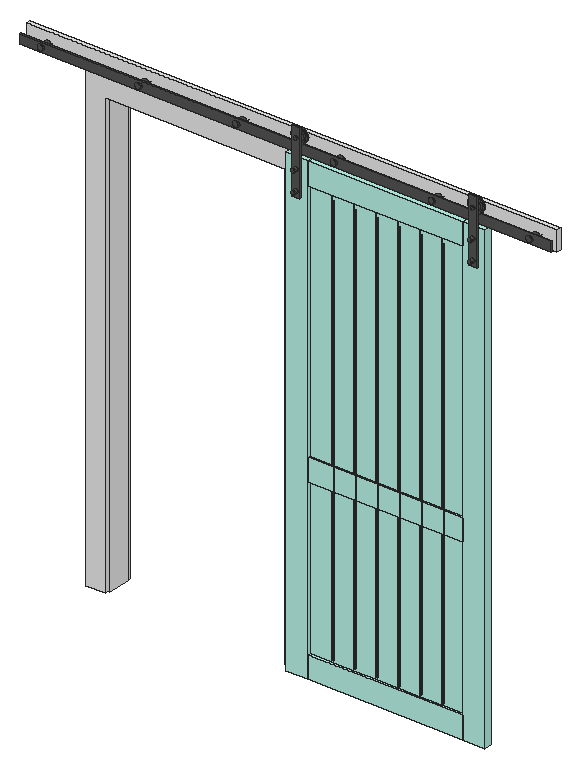
Revit family "Door_Barn_Maisy", category Doors, host Wall, Revit 2026
Family settings
  Host = Wall
  Classification Number = 23.30.10.17.11
  Always vertical = Yes
  Cut with Voids When Loaded = No
  Shared = No
  Room Calculation Point = No
Parameters (values of type "Sherwin Williams Cumulos Cotton 2063-70")
  panelmovement [instance] = if(Percent Open = 0, 0' 0", 3' 0" / ((100 / Percent Open)))  # 3' - 0"
  longtrackmounts = yes
  Width of Blocking Mounting Board [instance] = 0' - 3 1/2"
  Type Comments = "Confirm Opening Size Requirements"
  Track Width = 8' - 0"
  Strap Design [instance] = BarnDoorStraps : Straight Strap
  Standards Conformance = ""
  Sound Transmission Class (STC) = 0
  Show Generic Cased Opening [instance] = yes
  RO Offset [instance] = 0' - 0 3/4"
  Percent Open [instance] = 100
  Panel Width = 3' - 0"
  Panel Thickness = 0' - 1 3/8"
  Panel Stile Width [instance] = 0' - 4"
  Panel Rail Width_Top [instance] = 0' - 4"
  Panel Rail Width_Bottom [instance] = 0' - 4"
  Panel Intermediate Rail Widths [instance] = 0' - 3"
  Panel Height = 7' - 0"
  Panel Center Rail Width [instance] = 0' - 3"
  Minimum Width = 0' - 0"
  Maximum Width = 0' - 0"
  Locate Center of Track [instance] = 0' - 1 1/2"
  Include Blocking Mounting Board [instance] = yes
  Height to Bottom of Blocking Mounting Board [instance] = 7' - 0 1/16"
  Generic Casing Finish [instance] = Wood - Renin - Painted White
  Function = Interior
  Frame Finish [instance] = Metal - Renin - Matte Black Steel
  Door Finish [instance] = Wood - Painted - Sherwin Williams Cumulos Cotton 2063-70
  Door Design = Door_Barn-Panel_Renin_Maisy : Grooved Wood Panel
  Clear Opening Width [instance] = 2' - 8"
  Clear Opening Height [instance] = 6' - 8"
  Warranty Duration (Years) = 0
  URL = "https://www.renin.com/"
  Thickness = 0' - 0"  # constant formula
  Test Data = ""
  Specification = ""
  SpecWizard = ""
  Send Message = ""
  Sales Information = "https://www.renin.com/contact-us/"
  Rough Width [instance] = (Clear Opening Width + (RO Offset * 2))  # 2' - 9 1/2"
  Rough Height [instance] = (Clear Opening Height + (RO Offset))  # 6' - 8 3/4"
  Product Properties = ""
  Product Data = "http://www.arcat.com/arcatcos/cos49/arc49687.html"
  Manufacturer Website = "https://www.renin.com/"
  Manufacturer Phone - Toll Free = ""
  Manufacturer Fax = "905-791-3813"
  Manufacturer Address = "110 Walker Dr.   Brampton, ON, Canada    L6T 4H6"
  Maintenance Schedule (Months) = 0
  Installation-Fabrication = ""
  Installation Phase = ""
  Green Building-LEED = ""
  Model = "Maisy - Sherwin Williams Cumulos Cotton 2063-70"
  Manufacturer = "Renin Corp"
  Keynote = "08 00 00"
  Height [instance] = 0' - 0"  # constant formula
  Wall Closure = By host
  Width [instance] = 0' - 0"  # constant formula
  Fire Rating = "As Specified"
  Expected Lifespan (Years) = 0
  Drawn By = "Sumex Design, Inc. / Robert S. Weygant, CSI, CDT, SCIP"  # constant formula
  Description = "Renin Barn Door and Track - Stone Easy Slide Soft Close as Specified"
  Copyright = "©Arcat Inc. R1_2017-03"  # constant formula
  Construction Details = ""
  Door CL Projection from Wall [instance] = 0' - 2 1/8"
  Center Panel Material = Wood - Painted - Sherwin Williams Cumulos Cotton 2063-70
  Building Codes = ""
  Available Options = ""
  Assembly Code = "C1020100"
  Analytic Construction = "<None>"
  Air Space Beneath Door = 0' - 0 7/16"
Reference planes (in)
  plane 1 "Center (Front/Back)": y = -33.96225
  plane 2 "Center (Left/Right)": x = 34.28704
  plane 3: z = 0
  plane 4 "Right": x = 50.28704
  plane 5 "Left": x = 18.28704
  plane 6: z = 0
  plane 7 "Top of Frame": z = 80
  plane 8 "RO Top": z = 80.75
  plane 9 "RO Right": x = 51.03704
  plane 10 "RO Left": x = 17.53704
  plane 11 "EXT WALL FACE": y = -31.96225
  plane 12 "INT WALL FACE": y = -35.96225
  plane 13: x = 51.78704
  plane 14: x = 3.78704
  plane 15: x = 99.78704
  plane 16: y = -38.08725
  plane 17: z = 84.4375
  plane 18: z = 0.4375
  plane 19: z = 85.5625
  plane 20: y = -37.39975
  plane 21: y = -38.77475
  plane 22: x = 52.28704
  plane 23: x = 88.28704
  plane 24: x = 70.28704
Forms (in)
  Sweep 1, solid, material "Wood - Renin - Painted White" <- "Generic Casing Finish", visible <- "Show Generic Cased Opening"
    path origin (0, -35.96225, 0) x (-1, 0, 0) y (0, 0, 1)
      loop
        line (-18.28704, 0) -> (-18.28704, 80) -> (-50.28704, 80) -> (-50.28704, 0)
    profile origin (18.28704, -35.96225, 40) x (1, 0, 0) y (0, 1, 0)
      loop
        line (0, 0) -> (0, 4) -> (-0.75, 4) -> (-0.75, 0) -> (0, 0)
  Sweep 2, solid, material "Wood - Renin - Painted White" <- "Generic Casing Finish", visible <- "Show Generic Cased Opening"
    path origin (0, -35.96225, 0) x (-1, 0, 0) y (0, 0, 1)
      loop
        line (-18.28704, 0) -> (-18.28704, 80) -> (-50.28704, 80) -> (-50.28704, 0)
    profile origin (18.28704, -35.96225, 40) x (1, 0, 0) y (0, 1, 0)
      loop
        line (-0.25, 4) -> (-0.25, 4.75) -> (-3.75, 4.75) -> (-3.75, 4) -> (-0.25, 4)
      loop
        line (-0.25, 0) -> (-3.75, 0) -> (-3.75, -0.75) -> (-0.25, -0.75) -> (-0.25, 0)
  Extrusion 3, solid, material "Metal - Renin - Matte Black Steel" <- "Frame Finish"
    sketch origin (10.10712, -38.08725, 48) x (-1, 0, 0) y (0, 0, 1)
      loop
        line (-89.67991, 38.4375) -> (-89.67991, 36.6875) -> (6.32009, 36.6875) -> (6.32009, 38.4375) -> (-89.67991, 38.4375)
    from 0.125 to -0.125
  Extrusion 4, solid, material "Wood - Renin - Painted White" <- "Generic Casing Finish", visible <- "Include Blocking Mounting Board"
    sketch origin (0, -35.96225, 0) x (-1, 0, 0) y (0, 0, 1)
      loop
        line (-3.78704, 87.5625) -> (-99.78704, 87.5625) -> (-99.78704, 84.0625) -> (-3.78704, 84.0625) -> (-3.78704, 87.5625)
    from 0 to -0.75
  Extrusion 5, solid, material "Metal - Renin - Matte Black Steel" <- "Frame Finish", visible <- "longtrackmounts"
    sketch origin (10.10712, -38.08725, 48) x (-1, 0, 0) y (0, 0, 1)
      loop
        circle (-50.52366, 37.5625) r 0.5
      loop
        circle (-68.21116, 37.5625) r 0.5
      loop
        circle (-85.89866, 37.5625) r 0.5
      loop
        circle (-32.83616, 37.5625) r 0.5
      loop
        circle (-15.14866, 37.5625) r 0.5
      loop
        circle (2.53884, 37.5625) r 0.5
    from -0.31146 to 2.125
Lines and regions (in)
  Opening 1
    outline origin (-109.33485, -35.96225, 0) x (1, 0, 0) y (0, 0, 1)
      loop
        line (126.87189, 0) -> (160.37189, 0) -> (160.37189, 80.75) -> (126.87189, 80.75) -> (126.87189, 0)
Text (in)
  text "Exterior" at (-73.77742, -16.66641, 0), in view "Plan"
  text "Interior" at (-73.77742, -50.14366, 0), in view "Plan"
  text "Exterior" at (0, -17.98638, 123.01588), in view "Right"
  text "Interior" at (0, -64.39139, 123.01588), in view "Right"
  text "Interior" at (0, -52.09468, 121.14095), in view "Left"
  text "Exterior" at (0, 26.35325, 123.00693), in view "Left"
Dimensions and locks (in)
  equal spacing: plane 4 "Right", plane 2 "Center (Left/Right)", plane 5 "Left"
  "Clear Opening Width": plane 5 "Left" to plane 4 "Right"
  "Clear Opening Height": level to plane 7 "Top of Frame"
  "RO Offset": plane 5 "Left" to plane 10 "RO Left"
  "RO Offset": plane 9 "RO Right" to plane 4 "Right"
  "RO Offset": plane 7 "Top of Frame" to plane 8 "RO Top"
  Sweep 2 sketch curve to plane 11 "EXT WALL FACE" to Sweep 2 sketch curve = 0' - 0 3/4" locked, 0' - 0" locked
  plane 12 "INT WALL FACE" to Sweep 2 sketch curve to Sweep 2 sketch curve = 0' - 0" locked, 0' - 0 3/4" locked
  Sweep 2 sketch curve to plane 10 "RO Left" to Sweep 2 sketch curve = 0' - 3" locked, 0' - 0 1/2" locked  (x2)
  "Locate Center of Track": plane 4 "Right" to plane 13
  equal spacing: plane 15, plane 13, plane 14
  "Track Width": plane 15 to plane 14
  "Door CL Projection from Wall": plane 12 "INT WALL FACE" to plane 16
  "Air Space Beneath Door": plane 18 to level
  "Panel Height": plane 17 to plane 18
  locked: plane 19 to plane 17 at 1.125
  Extrusion 3 sketch curve to plane 19 to Extrusion 3 sketch curve = 0' - 0 7/8" locked, 0' - 0 7/8" locked
  equal spacing: plane 20, plane 16, plane 21
  "Panel Thickness": plane 20 to plane 21
  locked: plane 23 to plane 22 at 36
  equal spacing: plane 23, plane 24, plane 22
  "panelmovement": plane 24 to plane 2 "Center (Left/Right)"
  "Height to Bottom of Blocking Mounting Board": Extrusion 4 sketch curve to level
  "Width of Blocking Mounting Board": Extrusion 4 sketch curve to Extrusion 4 sketch curve
  Extrusion 5 sketch curve to Extrusion 5 sketch curve to Extrusion 5 sketch curve to plane 13 = 1' - 5 11/16" locked, 1' - 5 11/16" locked, 0' - 8 27/32" locked
  Extrusion 5 sketch curve to Extrusion 5 sketch curve to Extrusion 5 sketch curve = 1' - 5 11/16" locked, 1' - 5 11/16" locked
  locked: plane 13 to Extrusion 5 sketch curve at 8.84375
  aligned and locked: host wall to plane 1 "Center (Front/Back)"
  aligned and locked: Opening 1 sketch curve to level
  aligned and locked: plane 9 "RO Right" to Opening 1 sketch curve
  aligned and locked: Opening 1 sketch curve to plane 8 "RO Top"
  aligned and locked: plane 10 "RO Left" to Opening 1 sketch curve
  aligned and locked: plane 12 "INT WALL FACE" to host wall
  aligned and locked: host wall to plane 11 "EXT WALL FACE"
  aligned and locked: plane 4 "Right" to Sweep 1 sketch curve
  aligned and locked: Sweep 1 sketch curve to plane 5 "Left"
  aligned and locked: Sweep 1 sketch curve to plane 7 "Top of Frame"
  aligned and locked: Sweep 1 sketch curve to plane 11 "EXT WALL FACE"
  aligned and locked: plane 12 "INT WALL FACE" to Sweep 1 sketch curve
  aligned and locked: plane 10 "RO Left" to Sweep 1 sketch curve
  aligned and locked: plane 5 "Left" to Sweep 1 sketch curve
  aligned and locked: plane 5 "Left" to Sweep 2 sketch curve
  aligned and locked: plane 7 "Top of Frame" to Sweep 2 sketch curve
  aligned and locked: Sweep 2 sketch curve to plane 4 "Right"
  aligned and locked: Extrusion 3 sketch curve to plane 15
  aligned and locked: Extrusion 3 sketch curve to plane 14
  aligned and locked: nested 1 to plane 20
  aligned and locked: nested 1 to plane 24
  aligned and locked: plane 24 to nested 2
  aligned and locked: nested 2 to plane 21
  aligned and locked: plane 14 to Extrusion 4 sketch curve
  aligned and locked: plane 15 to Extrusion 4 sketch curve
  aligned and locked: plane 12 "INT WALL FACE" to Extrusion 5
Automatic sketch dimensions
  Sweep 1 sketch curve to level = 0' - 0"  (x2)
  Sweep 2 sketch curve to level = 0' - 0"  (x2)
  Extrusion 5 sketch curve to plane 19 = 0' - 0"  (x6)
  radius of Extrusion 5 sketch curve = 0' - 0 1/2"  (x6)
Nested families (in)
  nested 1: "Door_Barn-Panel_Renin_Maisy" at (70.28704, -37.39975, 0), type <- "Door Design", Stile Width <- "Panel Stile Width", Rail Width_Top <- "Panel Rail Width_Top", Rail Width_Bottom <- "Panel Rail Width_Bottom", Intermediate Rail Width <- "Panel Intermediate Rail Widths", Door Finish <- "Door Finish", Center Rail Width <- "Panel Center Rail Width", Center Panel Material <- "Center Panel Material", type "Grooved Wood Panel"
    with groovelineextension 6' - 4", Stile Width 0' - 4", Rail Width_Top 0' - 4", Rail Width_Bottom 0' - 4", Panel Width 3' - 0", Panel Thickness 0' - 1 3/8", Panel Height 7' - 0", Intermediate Rail Width 0' - 3", Door Finish Wood - Painted - Sherwin Williams Cumulos Cotton 2063-70, Center Rail Width 0' - 3", Center Panel Thickness 0' - 0 1/2", Center Panel Material Wood - Painted - Sherwin Williams Cumulos Cotton 2063-70
  nested 2: "BarnDoorStraps" at (70.28704, -38.77475, 84.4375), type <- "Strap Design", Stile Width <- "Panel Stile Width", finish <- "Frame Finish", type "Straight Strap"
    with finish Metal - Renin - Matte Black Steel, Stile Width 0' - 4", Top Mount no, Strap Mountings yes, Straight Strap yes
Definition of nested family "Door_Barn-Panel_Renin_Maisy"
  Parameters (values of type "Grooved Wood Panel")
    groovelineextension [instance] = if(Grooved Wood Panel, Panel Height - Rail Width_Top - Rail Width_Bottom, 0' 0")  # 6' - 4"
    Stile Width [instance] = 0' - 4.0428"
    Rail Width_Top [instance] = 0' - 4"
    Rail Width_Bottom [instance] = 0' - 4"
    Panel Width [instance] = 3' - 0"
    Panel Thickness [instance] = 0' - 1 3/8"
    Panel Height [instance] = 7' - 0"
    Intermediate Rail Width [instance] = 0' - 3"
    Grooved Wood Panel = yes
    Glazing Panel = no
    Door Finish [instance] = none
    Default Elevation = 0' - 0"  # constant formula
    Center Rail Width [instance] = 0' - 3"
    Center Panel Thickness [instance] = 0' - 0 1/2"
    Center Panel Material [instance] = none
    Analytic Construction = "<None>"
  Types (2): name | groovelineextension | Grooved Wood Panel | Glazing Panel
    Glazed Panel | 0' - 0" | no | yes
    Grooved Wood Panel | 6' - 4" | yes | no
  Reference planes (in)
    plane 1 "Center (Front/Back)": y = 0
    plane 2: z = 0
    plane 3 "Center (Left/Right)": x = 0
    plane 4: x = -18
    plane 5: x = 18
    plane 6: z = 0.4375
    plane 7: z = 84.4375
    plane 8: y = -1.375
    plane 9: z = 80.4375
    plane 10: z = 4.4375
    plane 11: x = -13.9572
    plane 12: x = 13.9572
    plane 13: y = -0.6875
    plane 14: y = -0.4375
    plane 15: y = -0.9375
    plane 16: z = 42.4375
    plane 17: z = 32.4375
    plane 18: z = 36.4375
    plane 19: x = -9.96943
    plane 20: x = -5.98166
    plane 21: x = -1.99389
    plane 22: x = 1.99389
    plane 23: x = 5.98166
    plane 24: x = 9.96943
    plane 25: x = -10.03193
    plane 26: x = -9.90693
    plane 27: x = -6.04416
    plane 28: x = -5.91916
    plane 29: x = -2.05639
    plane 30: x = -1.93139
    plane 31: x = 1.93139
    plane 32: x = 2.05639
    plane 33: x = 5.91916
    plane 34: x = 6.04416
    plane 35: x = 9.90693
    plane 36: x = 10.03193
  Forms (in)
    Extrusion 1, solid, material <- "Door Finish"
      sketch origin (0, 0, 0) x (1, 0, 0) y (0, 0, 1)
        loop
          line (-13.9572, 4.4375) -> (-13.9572, 0.4375) -> (13.9572, 0.4375) -> (13.9572, 4.4375) -> (-13.9572, 4.4375)
      from 0 to 1.375 <- "Panel Thickness"
    Extrusion 2, solid, material <- "Door Finish"
      sketch origin (0, 0, 0) x (1, 0, 0) y (0, 0, 1)
        loop
          line (-18, 84.4375) -> (-18, 0.4375) -> (-13.9572, 0.4375) -> (-13.9572, 84.4375) -> (-18, 84.4375)
        loop
          line (13.9572, 84.4375) -> (13.9572, 0.4375) -> (18, 0.4375) -> (18, 84.4375) -> (13.9572, 84.4375)
      from 0 to 1.375 <- "Panel Thickness"
    Extrusion 3, solid, material <- "Door Finish"
      sketch origin (0, 0, 0) x (1, 0, 0) y (0, 0, 1)
        loop
          line (-13.9572, 84.4375) -> (-13.9572, 80.4375) -> (13.9572, 80.4375) -> (13.9572, 84.4375) -> (-13.9572, 84.4375)
      from 0 to 1.375 <- "Panel Thickness"
    Extrusion 4, solid, material <- "Door Finish"
      sketch origin (0, 0, 0) x (1, 0, 0) y (0, 0, 1)
        loop
          line (-13.9572, 36.4375) -> (-13.9572, 32.4375) -> (13.9572, 32.4375) -> (13.9572, 36.4375) -> (-13.9572, 36.4375)
      from 0 to 1.375
    Extrusion 5, solid, material <- "Center Panel Material"
      sketch origin (0, 0, 0) x (1, 0, 0) y (0, 1, 0)
        loop
          line (-13.9572, -0.4375) -> (-13.9572, -0.9375) -> (-10.03193, -0.9375)
          arc (-10.03193, -0.9375) -> (-9.96943, -0.90322) -> (-9.90693, -0.9375) r 0.07411
          line (-9.90693, -0.9375) -> (-6.04416, -0.9375)
          arc (-6.04416, -0.9375) -> (-5.98166, -0.90322) -> (-5.91916, -0.9375) r 0.07411
          line (-5.91916, -0.9375) -> (-2.05639, -0.9375)
          arc (-2.05639, -0.9375) -> (-1.99389, -0.90322) -> (-1.93139, -0.9375) r 0.07411
          line (-1.93139, -0.9375) -> (1.93139, -0.9375)
          arc (1.93139, -0.9375) -> (1.99389, -0.90322) -> (2.05639, -0.9375) r 0.07411
          line (2.05639, -0.9375) -> (5.91916, -0.9375)
          arc (5.91916, -0.9375) -> (5.98166, -0.90322) -> (6.04416, -0.9375) r 0.07411
          line (6.04416, -0.9375) -> (9.90693, -0.9375)
          arc (9.90693, -0.9375) -> (9.96943, -0.90322) -> (10.03193, -0.9375) r 0.07411
          line (10.03193, -0.9375) -> (13.9572, -0.9375) -> (13.9572, -0.4375) -> (10.03193, -0.4375)
          arc (10.03193, -0.4375) -> (9.96943, -0.47178) -> (9.90693, -0.4375) r 0.07411
          line (9.90693, -0.4375) -> (6.04416, -0.4375)
          arc (6.04416, -0.4375) -> (5.98166, -0.47178) -> (5.91916, -0.4375) r 0.07411
          line (5.91916, -0.4375) -> (2.05639, -0.4375)
          arc (2.05639, -0.4375) -> (1.99389, -0.47178) -> (1.93139, -0.4375) r 0.07411
          line (1.93139, -0.4375) -> (-1.93139, -0.4375)
          arc (-1.93139, -0.4375) -> (-1.99389, -0.47178) -> (-2.05639, -0.4375) r 0.07411
          line (-2.05639, -0.4375) -> (-5.91916, -0.4375)
          arc (-5.91916, -0.4375) -> (-5.98166, -0.47178) -> (-6.04416, -0.4375) r 0.07411
          line (-6.04416, -0.4375) -> (-9.90693, -0.4375)
          arc (-9.90693, -0.4375) -> (-9.96943, -0.47178) -> (-10.03193, -0.4375) r 0.07411
          line (-10.03193, -0.4375) -> (-13.9572, -0.4375)
      from 4.4375 to 80.4375
  Lines and regions (in)
    reference lines
      curve 1: line (13.9572, 0, 80.4375) -> (-13.9572, 0, 43.9375)
      curve 2: line (-13.9572, 0, 40.9375) -> (13.9572, 0, 4.4375)
  Dimensions and locks (in)
    equal spacing: plane 4, plane 3 "Center (Left/Right)", plane 5
    "Panel Width": plane 4 to plane 5
    locked: plane 6 to level at 0.4375
    "Panel Height": plane 7 to plane 6
    "Panel Thickness": plane 8 to plane 1 "Center (Front/Back)"
    "Stile Width": plane 11 to plane 4
    "Stile Width": plane 5 to plane 12
    "Rail Width_Top": plane 7 to plane 9
    "Rail Width_Bottom": plane 10 to plane 6
    equal spacing: plane 8, plane 13, plane 1 "Center (Front/Back)"
    equal spacing: plane 14, plane 13, plane 15
    "Center Panel Thickness": plane 14 to plane 15
    plane 11 to plane 12 = 2' - 3.9144"
    equal spacing: plane 9, plane 16, plane 10
    plane 16 to plane 18 to plane 17 = 0' - 6" locked, 0' - 4" locked
    equal spacing: plane 12, plane 24, plane 23, plane 22, plane 21, plane 20, plane 19, plane 11
    equal spacing: plane 26, plane 19, plane 25
    locked: plane 26 to plane 25 at 0.125
    equal spacing: plane 28, plane 20, plane 27
    locked: plane 28 to plane 27 at 0.125
    equal spacing: plane 30, plane 21, plane 29
    locked: plane 30 to plane 29 at 0.125
    equal spacing: plane 32, plane 22, plane 31
    locked: plane 32 to plane 31 at 0.125
    equal spacing: plane 34, plane 23, plane 33
    locked: plane 34 to plane 33 at 0.125
    equal spacing: plane 36, plane 24, plane 35
    locked: plane 36 to plane 35 at 0.125
    aligned and locked: plane 2 to level
    aligned and locked: Extrusion 1 sketch curve to plane 10
    aligned and locked: plane 11 to Extrusion 1 sketch curve
    aligned and locked: plane 6 to Extrusion 1 sketch curve
    aligned and locked: Extrusion 1 sketch curve to plane 12
    aligned and locked: Extrusion 2 sketch curve to plane 7  (x2)
    aligned and locked: plane 4 to Extrusion 2 sketch curve
    aligned and locked: Extrusion 2 sketch curve to Extrusion 1  (x2)
    aligned and locked: plane 12 to Extrusion 2 sketch curve
    aligned and locked: plane 6 to Extrusion 2 sketch curve
    aligned and locked: Extrusion 2 sketch curve to plane 5
    aligned and locked: Extrusion 3 sketch curve to Extrusion 2
    aligned and locked: Extrusion 2 to Extrusion 3 sketch curve
    aligned and locked: plane 9 to Extrusion 3 sketch curve
    aligned and locked: Extrusion 3 sketch curve to plane 12
    aligned and locked: plane 11 to curve 1
    aligned and locked: plane 12 to curve 1
    aligned and locked: plane 9 to curve 1
    aligned and locked: plane 12 to curve 2
    aligned and locked: plane 10 to curve 2
    aligned and locked: plane 11 to curve 2
    aligned and locked: Extrusion 4 sketch curve to plane 18
    aligned and locked: plane 17 to Extrusion 4 sketch curve
    aligned and locked: plane 11 to Extrusion 4 sketch curve
    aligned and locked: Extrusion 4 sketch curve to plane 12
    aligned and locked: Extrusion 4 to plane 1 "Center (Front/Back)"
    aligned and locked: Extrusion 4 to plane 8
    aligned and locked: Extrusion 5 sketch curve to plane 12
    aligned and locked: Extrusion 5 sketch curve to plane 14
    aligned and locked: Extrusion 5 sketch curve to plane 15
    aligned and locked: plane 11 to Extrusion 5 sketch curve
    aligned and locked: plane 26 to Extrusion 5 sketch curve  (x2)
    aligned and locked: plane 25 to Extrusion 5 sketch curve  (x2)
    aligned and locked: plane 28 to Extrusion 5 sketch curve  (x2)
    aligned and locked: plane 27 to Extrusion 5 sketch curve  (x2)
    aligned and locked: plane 29 to Extrusion 5 sketch curve  (x2)
    aligned and locked: plane 30 to Extrusion 5 sketch curve  (x2)
    aligned and locked: plane 31 to Extrusion 5 sketch curve  (x2)
    aligned and locked: plane 32 to Extrusion 5 sketch curve  (x2)
    aligned and locked: plane 33 to Extrusion 5 sketch curve  (x2)
    aligned and locked: plane 34 to Extrusion 5 sketch curve  (x2)
    aligned and locked: plane 35 to Extrusion 5 sketch curve  (x2)
    aligned and locked: plane 36 to Extrusion 5 sketch curve  (x2)
    aligned and locked: plane 9 to Extrusion 5
    aligned and locked: Extrusion 5 to plane 10
  Automatic sketch dimensions
    curve 2 to plane 16 = 0' - 1 1/2"
    plane 16 to curve 1 = 0' - 1 1/2"
    Extrusion 5 sketch curve to plane 19 = 0' - 0"  (x2)
    Extrusion 5 sketch curve to plane 20 = 0' - 0"  (x2)
    Extrusion 5 sketch curve to plane 21 = 0' - 0"  (x2)
    Extrusion 5 sketch curve to plane 22 = 0' - 0"  (x2)
    Extrusion 5 sketch curve to plane 23 = 0' - 0"  (x2)
    Extrusion 5 sketch curve to plane 24 = 0' - 0"  (x2)
    plane 15 to Extrusion 5 sketch curve = 0' - 0.03983"  (x6)
    plane 14 to Extrusion 5 sketch curve = 0' - 0.03983"  (x6)
Definition of nested family "BarnDoorStraps"
  Parameters
    finish [instance] = none
    Top Mount = yes
    Strap Mountings = no
    Straight Strap = no
    Stile Width [instance] = 0' - 4"
    Default Elevation = 4' - 0"
    Bent Strap = no
  Reference planes (in)
    plane 1 "Center (Front/Back)": y = 0
    plane 2: z = 0
    plane 3 "Center (Left/Right)": x = 0
    plane 4: x = -18
    plane 5: x = 18
    plane 6: x = -14
    plane 7: x = 14
    plane 8: x = -16
    plane 9: x = 16
    plane 10: x = -14.75
    plane 11: x = 14.75
  Forms (in)
    Extrusion 1, solid, material <- "finish", visible <- "Straight Strap"
      sketch origin (-16, -180, 3.46053) x (0, 0, 1) y (0, -1, 0)
        loop
          line (1.53947, -180) -> (1.53947, -179.8125) -> (-9.96053, -179.8125) -> (-9.96053, -180) -> (1.53947, -180)
      from 0.75 to -0.75
    Extrusion 2, solid, material <- "finish", visible <- "Straight Strap"
      sketch origin (16, -180, 3.46053) x (0, 0, 1) y (0, -1, 0)
        loop
          line (1.53947, -180) -> (1.53947, -179.8125) -> (-9.96053, -179.8125) -> (-9.96053, -180) -> (1.53947, -180)
      from 0.75 to -0.75
    Extrusion 3, solid, material <- "finish", visible <- "Strap Mountings"
      sketch origin (0, 0, 0) x (1, 0, 0) y (0, 0, 1)
        loop
          circle (-16, -1.9375) r 0.33529
        loop
          circle (-16, -5.5) r 0.33529
        loop
          circle (16, -1.9375) r 0.33529
        loop
          circle (16, -5.5) r 0.33529
      from 0.1875 to 0.83898
    Revolve 4, solid, material <- "finish", visible <- "Strap Mountings"
      sketch origin (-16, -180, 3.46053) x (0, 0, 1) y (0, -1, 0)
        loop
          line (-0.64045, -180) -> (-1.06567, -180) -> (-1.19953, -180.45376) -> (-1.71053, -180.45376) -> (-1.71053, -180.56187) -> (-1.46053, -180.56187) -> (-1.46053, -180.81187) -> (-1.71053, -180.81187) -> (-1.71053, -180.92124) -> (-1.19953, -180.92124) -> (-1.06567, -181.375) -> (-0.33553, -181.375) -> (-0.33553, -179.6989) -> (-0.64045, -179.6989) -> (-0.64045, -180)
        axis (-0.33553, -179.6989) -> (-0.33553, -181.375)
      angle from 0 to 360
    Revolve 5, solid, material <- "finish", visible <- "Strap Mountings"
      sketch origin (16, -180, 3.46053) x (0, 0, 1) y (0, -1, 0)
        loop
          line (-0.64045, -180) -> (-1.06567, -180) -> (-1.19953, -180.45376) -> (-1.71053, -180.45376) -> (-1.71053, -180.56187) -> (-1.46053, -180.56187) -> (-1.46053, -180.81187) -> (-1.71053, -180.81187) -> (-1.71053, -180.92124) -> (-1.19953, -180.92124) -> (-1.06567, -181.375) -> (-0.33553, -181.375) -> (-0.33553, -179.6989) -> (-0.64045, -179.6989) -> (-0.64045, -180)
        axis (-0.33553, -179.6989) -> (-0.33553, -181.375)
      angle from 0 to 360
    Extrusion 6, solid, material <- "finish", visible <- "Bent Strap"
      sketch origin (-16, -180, 3.46053) x (0, 0, 1) y (0, -1, 0)
        loop
          line (0.78947, -179.8125) -> (-9.96053, -179.8125) -> (-9.96053, -180) -> (0.78947, -180)
          arc (0.78947, -180) -> (1.47697, -180.6875) -> (0.78947, -181.375) r 0.6875
          line (0.78947, -181.375) -> (-0.96053, -181.375) -> (-0.96053, -181.5625) -> (0.78947, -181.5625)
          arc (0.78947, -181.5625) -> (1.66447, -180.6875) -> (0.78947, -179.8125) r 0.875
      from 0.75 to -0.75
    Extrusion 7, solid, material <- "finish", visible <- "Bent Strap"
      sketch origin (16, -180, 3.46053) x (0, 0, 1) y (0, -1, 0)
        loop
          line (0.78947, -179.8125) -> (-9.96053, -179.8125) -> (-9.96053, -180) -> (0.78947, -180)
          arc (0.78947, -180) -> (1.47697, -180.6875) -> (0.78947, -181.375) r 0.6875
          line (0.78947, -181.375) -> (-0.96053, -181.375) -> (-0.96053, -181.5625) -> (0.78947, -181.5625)
          arc (0.78947, -181.5625) -> (1.66447, -180.6875) -> (0.78947, -179.8125) r 0.875
      from 0.75 to -0.75
    Revolve 8, solid, material <- "finish", visible <- "Top Mount"
      sketch origin (-14.75, -180, 3.46053) x (0, 0, 1) y (0, -1, 0)
        loop
          line (-0.64045, -180) -> (-1.06567, -180) -> (-1.19953, -180.45376) -> (-1.71053, -180.45376) -> (-1.71053, -180.56187) -> (-1.46053, -180.56187) -> (-1.46053, -180.81187) -> (-1.71053, -180.81187) -> (-1.71053, -180.92124) -> (-1.19953, -180.92124) -> (-1.06567, -181.375) -> (-0.33553, -181.375) -> (-0.33553, -179.6989) -> (-0.64045, -179.6989) -> (-0.64045, -180)
        axis (-0.33553, -179.6989) -> (-0.33553, -181.375)
      angle from 0 to 360
    Revolve 9, solid, material <- "finish", visible <- "Top Mount"
      sketch origin (14.75, -180, 3.46053) x (0, 0, 1) y (0, -1, 0)
        loop
          line (-0.64045, -180) -> (-1.06567, -180) -> (-1.19953, -180.45376) -> (-1.71053, -180.45376) -> (-1.71053, -180.56187) -> (-1.46053, -180.56187) -> (-1.46053, -180.81187) -> (-1.71053, -180.81187) -> (-1.71053, -180.92124) -> (-1.19953, -180.92124) -> (-1.06567, -181.375) -> (-0.33553, -181.375) -> (-0.33553, -179.6989) -> (-0.64045, -179.6989) -> (-0.64045, -180)
        axis (-0.33553, -179.6989) -> (-0.33553, -181.375)
      angle from 0 to 360
    Extrusion 10, solid, material <- "finish", visible <- "Top Mount"
      sketch origin (0, 0, 0) x (1, 0, 0) y (0, 0, 1)
        loop
          line (-15.5, 0) -> (-14, 0) -> (-14, 3.125)
          arc (-14, 3.125) -> (-14.75, 3.875) -> (-15.5, 3.125) r 0.75
          line (-15.5, 3.125) -> (-15.5, 0)
        loop
          line (15.5, 0) -> (15.5, 3.125)
          arc (15.5, 3.125) -> (14.75, 3.875) -> (14, 3.125) r 0.75
          line (14, 3.125) -> (14, 0) -> (15.5, 0)
      from 0 to 0.1875
    Extrusion 11, solid, material <- "finish", visible <- "Top Mount"
      sketch origin (0, 0, 0) x (1, 0, 0) y (0, 1, 0)
        loop
          line (-16.5, 0.0625) -> (-15.5, 0.0625) -> (-15.5, 0) -> (-14, 0) -> (-14, 0.0625) -> (-13, 0.0625)
          arc (-13, 0.0625) -> (-12.375, 0.6875) -> (-13, 1.3125) r 0.625
          line (-13, 1.3125) -> (-16.5, 1.3125)
          arc (-16.5, 1.3125) -> (-17.125, 0.6875) -> (-16.5, 0.0625) r 0.625
        loop
          arc (16.5, 0.0625) -> (17.125, 0.6875) -> (16.5, 1.3125) r 0.625
          line (16.5, 1.3125) -> (13, 1.3125)
          arc (13, 1.3125) -> (12.375, 0.6875) -> (13, 0.0625) r 0.625
          line (13, 0.0625) -> (14, 0.0625) -> (14, 0) -> (15.5, 0) -> (15.5, 0.0625) -> (16.5, 0.0625)
      from 0 to 0.19622
  Cuts and joins
    joined: Extrusion 10, Extrusion 11
  Dimensions and locks (in)
    plane 4 to plane 3 "Center (Left/Right)" to plane 5 = 1' - 6" locked, 1' - 6" locked
    "Stile Width": plane 6 to plane 4
    "Stile Width": plane 5 to plane 7
    equal spacing: plane 6, plane 8, plane 4
    equal spacing: plane 5, plane 9, plane 7
    locked: plane 6 to plane 10 at 0.75
    locked: plane 11 to plane 7 at 0.75
    plane 6 to Extrusion 10 sketch curve to Extrusion 10 sketch curve = 0' - 0" locked, 0' - 1 1/2" locked
    Extrusion 10 sketch curve to plane 7 to Extrusion 10 sketch curve = 0' - 1 1/2" locked, 0' - 0" locked
    Extrusion 11 sketch curve to plane 10 to Extrusion 11 sketch curve = 0' - 1 3/4" locked, 0' - 1 3/4" locked
    Extrusion 11 sketch curve to plane 11 to Extrusion 11 sketch curve = 0' - 1 3/4" locked, 0' - 1 3/4" locked
    plane 7 to Extrusion 11 sketch curve to Extrusion 11 sketch curve = 0' - 0" locked, 0' - 1 1/2" locked
    Extrusion 11 sketch curve to plane 6 to Extrusion 11 sketch curve = 0' - 1 1/2" locked, 0' - 0" locked
    aligned and locked: plane 2 to level
  Automatic sketch dimensions
    Extrusion 1 sketch curve to plane 1 "Center (Front/Back)" = 0' - 0"
    Extrusion 1 sketch curve to level = 0' - 6 1/2"
    plane 1 "Center (Front/Back)" to Extrusion 1 sketch curve = 0' - 0 3/16"
    level to Extrusion 1 sketch curve = 0' - 5"
    Extrusion 2 sketch curve to plane 1 "Center (Front/Back)" = 0' - 0"
    Extrusion 2 sketch curve to level = 0' - 6 1/2"
    plane 1 "Center (Front/Back)" to Extrusion 2 sketch curve = 0' - 0 3/16"
    level to Extrusion 2 sketch curve = 0' - 5"
    Extrusion 3 sketch curve to plane 8 = 0' - 0"  (x2)
    Extrusion 3 sketch curve to plane 9 = 0' - 0"  (x2)
    Extrusion 3 sketch curve to level = 0' - 5 1/2"  (x2)
    Extrusion 3 sketch curve to level = 0' - 1 15/16"  (x2)
    Revolve 4 sketch curve to plane 1 "Center (Front/Back)" = 0' - 0"  (x2)
    Revolve 4 sketch curve to plane 1 "Center (Front/Back)" = 0' - 0.81187"
    level to Revolve 4 sketch curve = 0' - 1 3/4"
    Revolve 4 sketch curve to Revolve 4 sketch curve = 0' - 0"  (x2)
    Revolve 4 sketch curve to Revolve 4 sketch curve = 0' - 0 1/4"  (x2)
    Revolve 4 sketch curve to plane 1 "Center (Front/Back)" = 0' - 0.45376"
    Revolve 4 sketch curve to Revolve 4 sketch curve = 0' - 0.261"  (x2)
    Revolve 4 sketch curve to Revolve 4 sketch curve = 0' - 0.13386"  (x2)
    Revolve 4 sketch curve to Revolve 4 sketch curve = 0' - 0.42522"
    Revolve 4 sketch curve to Revolve 4 sketch curve = 0' - 0.73014"
    Revolve 4 sketch curve to Revolve 4 sketch curve = 0' - 0 7/64"
    Revolve 4 sketch curve to Revolve 4 sketch curve = 0' - 0.45376"
    plane 1 "Center (Front/Back)" to Revolve 4 sketch curve = 0' - 0.3011"
    Revolve 4 sketch curve to Revolve 4 sketch curve = 0' - 2 1/8"
    Revolve 5 sketch curve to plane 1 "Center (Front/Back)" = 0' - 0"  (x2)
    Revolve 5 sketch curve to plane 1 "Center (Front/Back)" = 0' - 0.81187"
    level to Revolve 5 sketch curve = 0' - 1 3/4"
    Revolve 5 sketch curve to Revolve 5 sketch curve = 0' - 0"  (x2)
    Revolve 5 sketch curve to Revolve 5 sketch curve = 0' - 0 1/4"  (x2)
    Revolve 5 sketch curve to plane 1 "Center (Front/Back)" = 0' - 0.45376"
    Revolve 5 sketch curve to Revolve 5 sketch curve = 0' - 0.261"  (x2)
    Revolve 5 sketch curve to Revolve 5 sketch curve = 0' - 0.13386"  (x2)
    Revolve 5 sketch curve to Revolve 5 sketch curve = 0' - 0.42522"
    Revolve 5 sketch curve to Revolve 5 sketch curve = 0' - 0.73014"
    Revolve 5 sketch curve to Revolve 5 sketch curve = 0' - 0 7/64"
    Revolve 5 sketch curve to Revolve 5 sketch curve = 0' - 0.45376"
    plane 1 "Center (Front/Back)" to Revolve 5 sketch curve = 0' - 0.3011"
    Revolve 5 sketch curve to Revolve 5 sketch curve = 0' - 2 1/8"
    Extrusion 6 sketch curve to Extrusion 6 sketch curve = 0' - 0"  (x2)
    Extrusion 6 sketch curve to plane 1 "Center (Front/Back)" = 0' - 0"
    plane 1 "Center (Front/Back)" to Extrusion 6 sketch curve = 0' - 0 3/16"
    Extrusion 6 sketch curve to level = 0' - 6 1/2"
    level to Extrusion 6 sketch curve = 0' - 2 1/2"
    Extrusion 6 sketch curve to Extrusion 6 sketch curve = 0' - 1 3/4"
    Extrusion 6 sketch curve to Extrusion 6 sketch curve = 0' - 0 11/16"
    Extrusion 7 sketch curve to Extrusion 7 sketch curve = 0' - 0"  (x2)
    Extrusion 7 sketch curve to plane 1 "Center (Front/Back)" = 0' - 0"
    plane 1 "Center (Front/Back)" to Extrusion 7 sketch curve = 0' - 0 3/16"
    Extrusion 7 sketch curve to level = 0' - 6 1/2"
    level to Extrusion 7 sketch curve = 0' - 2 1/2"
    Extrusion 7 sketch curve to Extrusion 7 sketch curve = 0' - 1 3/4"
    Extrusion 7 sketch curve to Extrusion 7 sketch curve = 0' - 0 11/16"
    Revolve 8 sketch curve to plane 1 "Center (Front/Back)" = 0' - 0"  (x2)
    Revolve 8 sketch curve to plane 1 "Center (Front/Back)" = 0' - 0.81187"
    level to Revolve 8 sketch curve = 0' - 1 3/4"
    Revolve 8 sketch curve to Revolve 8 sketch curve = 0' - 0"  (x2)
    Revolve 8 sketch curve to Revolve 8 sketch curve = 0' - 0 1/4"  (x2)
    Revolve 8 sketch curve to plane 1 "Center (Front/Back)" = 0' - 0.45376"
    Revolve 8 sketch curve to Revolve 8 sketch curve = 0' - 0.261"  (x2)
    Revolve 8 sketch curve to Revolve 8 sketch curve = 0' - 0.13386"  (x2)
    Revolve 8 sketch curve to Revolve 8 sketch curve = 0' - 0.42522"
    Revolve 8 sketch curve to Revolve 8 sketch curve = 0' - 0.73014"
    Revolve 8 sketch curve to Revolve 8 sketch curve = 0' - 0 7/64"
    Revolve 8 sketch curve to Revolve 8 sketch curve = 0' - 0.45376"
    plane 1 "Center (Front/Back)" to Revolve 8 sketch curve = 0' - 0.3011"
    Revolve 8 sketch curve to Revolve 8 sketch curve = 0' - 2 1/8"
    Revolve 9 sketch curve to plane 1 "Center (Front/Back)" = 0' - 0"  (x2)
    Revolve 9 sketch curve to plane 1 "Center (Front/Back)" = 0' - 0.81187"
    level to Revolve 9 sketch curve = 0' - 1 3/4"
    Revolve 9 sketch curve to Revolve 9 sketch curve = 0' - 0"  (x2)
    Revolve 9 sketch curve to Revolve 9 sketch curve = 0' - 0 1/4"  (x2)
    Revolve 9 sketch curve to plane 1 "Center (Front/Back)" = 0' - 0.45376"
    Revolve 9 sketch curve to Revolve 9 sketch curve = 0' - 0.261"  (x2)
    Revolve 9 sketch curve to Revolve 9 sketch curve = 0' - 0.13386"  (x2)
    Revolve 9 sketch curve to Revolve 9 sketch curve = 0' - 0.42522"
    Revolve 9 sketch curve to Revolve 9 sketch curve = 0' - 0.73014"
    Revolve 9 sketch curve to Revolve 9 sketch curve = 0' - 0 7/64"
    Revolve 9 sketch curve to Revolve 9 sketch curve = 0' - 0.45376"
    Revolve 9 sketch curve to Revolve 9 sketch curve = 0' - 0.3011"
    Revolve 9 sketch curve to Revolve 9 sketch curve = 0' - 2 1/8"
    Extrusion 10 sketch curve to level = 0' - 0"  (x2)
    level to Extrusion 10 sketch curve = 0' - 3 1/8"
    Extrusion 10 sketch curve to Extrusion 10 sketch curve = 0' - 3 1/8"
    plane 1 "Center (Front/Back)" to Extrusion 11 sketch curve = 0' - 0"  (x2)
    Extrusion 11 sketch curve to plane 1 "Center (Front/Back)" = 0' - 0 1/16"  (x4)
    Extrusion 11 sketch curve to Extrusion 11 sketch curve = 0' - 0 5/8"  (x2)
    radius of Extrusion 3 sketch curve = 0' - 0.33529"  (x4)
